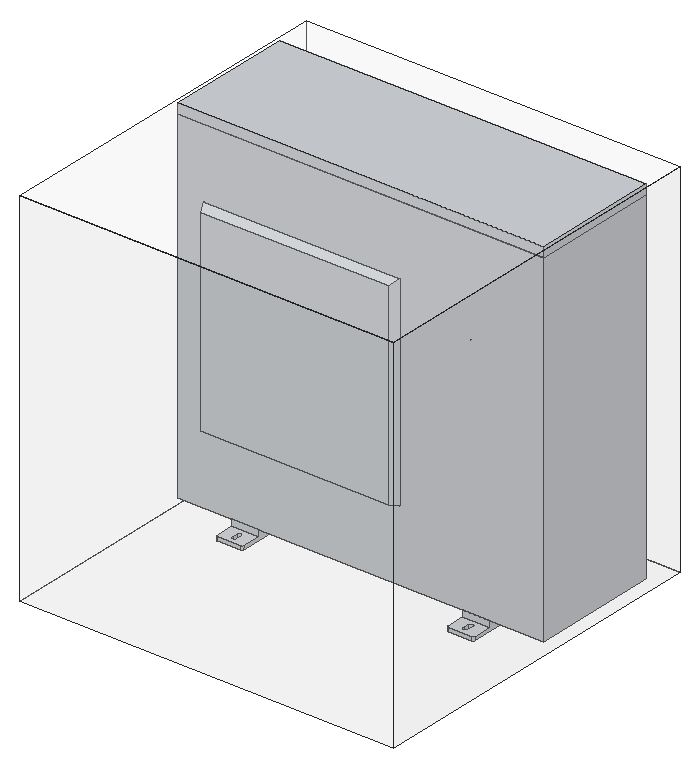
Revit family "puz-zrmp80hka15_280KA5_50hz", category 機械設備, Revit 2019
Family settings
  丸型コネクタ寸法 = 直径を使用
  パーツ タイプ = 標準
  OmniClass 番号 = 23.75.10.24.21.27.27
  OmniClass タイトル = Split System Air Conditioning Units
  作業面ベース = いいえ
  常に垂直 = はい
  ロード時にボイドで切り取り = いいえ
  共有 = いいえ
  部屋計算ポイント = いいえ
Parameters (values of type "室外機_PUZ-ZRMP80SHA15-BSG")
  音響パワーレベル_冷房 (dB) = 66
  音響パワーレベル_暖房 (dB) = 68
  音響パワーレベル(dB) = if([音響パワーレベル_冷房 (dB)] > [音響パワーレベル_暖房 (dB)], [音響パワーレベル_冷房 (dB)], [音響パワーレベル_暖房 (dB)])  # 68
  電源種別 = ""
  電源位置Y = 2 mm
  電源位置Z = 669 mm
  電源位置X = 275 mm
  電圧 = 200 V
  電動機出力_送風機 = 0.06 kW
  電動機出力_圧縮機 = 1.6 kW
  集中コントローラ [instance] = ""
  運転質量 = 0.00 kg
  運転方法 = "冷暖切替"
  質量 = if(製品質量 > 運転質量, 製品質量, 運転質量) * 1.2  # 84.00 kg
  負荷分類 = 1_熱源類
  説明 = "空冷H/P PAC インバータ室外機"
  設計暖房能力 [instance] = 0 kW
  設計冷房能力_顕熱 [instance] = 0 kW
  設計冷房能力 [instance] = 0 kW
  設置方法 = "床置形"
  記号 [instance] = ""
  製造元 = "三菱電機株式会社"
  製品質量 = 70.00 kg
  製品出荷対象 = "国内"
  製品リリース年月 = ""
  製品グループ = ""
  系統 [instance] = ""
  符号 = "PAC"
  積算_科目 = "1 空気調和設備"
  積算_拾い区分 [instance] = ""
  相 = 1
  盤記号 [instance] = ""
  発停方法 = "付属スイッチ"
  特殊仕様 [instance] = ""
  消費電力_暖房 = 2.34 kW
  消費電力_冷房 = 1.98 kW
  消費電力 = if(消費電力_冷房 > 消費電力_暖房, 消費電力_冷房, 消費電力_暖房)  # 2.34 kW
  法定耐用年数 = "6"
  構成品番 = "PUZ-ZRMP80SHA15-BSG"
  極数 = 1
  材質 [instance] = ""
  本体マテリアル = none
  最小電線太さ_mm2 = 3.5
  最大電流値 = 0 A
  暖房能力 = 8 kW
  推奨ブレーカー容量 = 30 A
  据付ピッチ1 = 0 mm
  形式 = "パッケージ形 室外機"
  形名 = PUZ-EZRMP-2 : PUZ-EZRMP-2-2
  幹線記号 [instance] = ""
  始動方式 = "インバータ始動方式"
  呼称 = "パッケージ形空気調和機_室外機"
  周波数 = 50 Hz
  価格 = 0
  ドレン　位置Z = 23 mm
  ドレン　位置Y = 111 mm
  ドレン　位置X = 30 mm
  アンカーボルト位置Y = 370 mm
  アンカーボルト位置X = 600 mm
  参照している仕様書等のバージョン = "公共建築物標準仕様書（機械設備工事編）平成31年度版"
  分類コード = "5.0053E+13"
  分類グループ = ""
  冷房能力 = 7.1 kW
  冷媒管（ガス）位置X = 434 mm
  冷媒管（液）位置X = 377 mm
  冷媒管（液）位置Y = 290 mm
  冷媒管（ガス）位置Y = 229 mm
  冷媒管長 [instance] = 0 mm
  冷媒管径符号 = "Bd"
  冷媒管径 = 100.00 mm
  冷媒管位置Z = 447 mm
  冷媒管位置Y = (冷媒管（液）位置Y + 冷媒管（ガス）位置Y) / 2  # 259.5 mm
  冷媒管位置X = (冷媒管（液）位置X + 冷媒管（ガス）位置X) / 2  # 405.5 mm
  冷媒液管径 = 9.52 mm
  冷媒ガス管径 = 15.88 mm
  企業コード = "108420"
  付属品 [instance] = ""
  仕様書バージョン = "Version1.0"
  ユニット数 = 1
  ユニット3 = yes
  ユニット2 = yes
  Model = ""
  ドレン管径 = 33.00 mm
  サービススペース = yes
  コメント [instance] = ""
  ケーブル種類1 = ""
  【値が 0 の項目は組合せ形名にてご確認ください】 = ""
  Width = 950 mm
  Version = ""
  Uniclass2015Version = "Systems v1.9"
  Uniclass2015Title = "Split coil remote air cooled condensing units"
  Uniclass2015Code = "Pr_70_65_03_84"
  URL = "https://www.mitsubishielectric.co.jp/ldg/wink/ssl/top.do"
  SpecificationReference = ""
  SpecificationDescription = ""
  Revision = ""
  ProductInformation = ""
  OmniClassCode = "23-33 17 13 11"
  IfcTypeProduct = ""
  IfcProduct = ""
  IfcExportType = "AIRCONDITIONINGUNIT"
  IfcExportAs = "IfcUnitaryEquipmentType"
  Height = 943 mm
  Depth = 330 mm
  Clearance Top = 0 mm
  Clearance Right = 10 mm
  Clearance Left = 10 mm
  Clearance Front = 500 mm
  Clearance Bottom = 0 mm
  Clearance Back = 100 mm
  COP_暖房 = 0
  COP_冷房 = 0
  COP = (COP_冷房 + COP_暖房) / 2  # 0
  Author = "三菱電機株式会社"
  APF = 0
Reference planes
  plane 1 "中心(正面/背面)": y = 74
  plane 2: z = 0
  plane 3 "中心(左/右)": x = 830
  plane 4 "右": x = 1305
  plane 5 "左": x = 355
  plane 6 "背面": y = 239
  plane 7 "正面": y = -91
  plane 8 "上部": z = 943
  plane 9 "Clearanse Top": z = 943
  plane 10 "SS_back": y = 339
  plane 11 "SS_front": y = -591
  plane 12 "SS_left": x = 345
  plane 13 "SS_right": x = 1315
  plane 14: z = 0
  plane 15: y = -89
  plane 16: x = 1105
  plane 17: z = 669
  plane 18: y = -87
  plane 19: y = -20.5
  plane 20: x = 1235.5
  plane 21: z = 447
  plane 22: z = 449
  plane 23: y = 128
  plane 24: x = 385
  plane 25: z = 25
  plane 26: z = 23
  plane 27: x = 530
  plane 28: x = 1130
  plane 29: y = 259
  plane 30: y = -111
Forms (mm)
  Extrusion 1, solid, detail levels fine
    sketch origin (0, -91, 0) x (1, 0, 0) y (0, 0, 1)
      loop
        circle (1105, 669) r 13.5
    from -4 to -2
  Extrusion 2, solid, detail levels fine
    sketch origin (-1437.329, -1524, 54) x (-1, 0, 0) y (0, -1, 0)
      loop
        circle (-2672.829, -1503.5) r 50
    from 393 to 395
  Extrusion 3, solid, detail levels fine
    sketch origin (-1437.329, -1524, 54) x (-1, 0, 0) y (0, -1, 0)
      loop
        circle (-1822.329, -1652) r 16.5
    from -31 to -29
Lines and regions (mm)
  model lines, not visible
    curve 1: line (460, 178.667, 1289.179) -> (460, 297.73, 1289.179)
    curve 2: line (460, 178.667, 1056.056) -> (460, 178.667, 1289.179)
    curve 3: line (460, 297.73, 1056.056) -> (460, 178.667, 1056.056)
    curve 4: line (460, 297.73, 1289.179) -> (460, 297.73, 1056.056)
    curve 5: line (460, 47.598, 1289.179) -> (460, 166.661, 1289.179)
    curve 6: line (460, 47.598, 1056.056) -> (460, 47.598, 1289.179)
    curve 7: line (460, 166.661, 1056.056) -> (460, 47.598, 1056.056)
    curve 8: line (460, 166.661, 1289.179) -> (460, 166.661, 1056.056)
    curve 9: line (460, -83.471, 1289.179) -> (460, 35.592, 1289.179)
    curve 10: line (460, -83.471, 1056.056) -> (460, -83.471, 1289.179)
    curve 11: line (460, 35.592, 1056.056) -> (460, -83.471, 1056.056)
    curve 12: line (460, 35.592, 1289.179) -> (460, 35.592, 1056.056)
    curve 13: line (460, -150.779, 1289.179) -> (460, -95.75, 1289.179)
    curve 14: line (460, -150.779, 1056.056) -> (460, -150.779, 1289.179)
    curve 15: line (460, -95.75, 1056.056) -> (460, -150.779, 1056.056)
    curve 16: line (460, -95.75, 1289.179) -> (460, -95.75, 1056.056)
    curve 17: line (460, -150.779, 1283.175) -> (460, -132.596, 1283.175)
    curve 18: line (460, -150.779, 1062.059) -> (460, -150.779, 1283.175)
    curve 19: line (460, -132.596, 1062.059) -> (460, -150.779, 1062.059)
    curve 20: line (460, -132.596, 1283.175) -> (460, -132.596, 1062.059)
    curve 21: line (460, 178.667, 1046.051) -> (460, 297.73, 1046.051)
    curve 22: line (460, 178.667, 812.928) -> (460, 178.667, 1046.051)
    curve 23: line (460, 297.73, 812.928) -> (460, 178.667, 812.928)
    curve 24: line (460, 297.73, 1046.051) -> (460, 297.73, 812.928)
    curve 25: line (460, 47.598, 1046.051) -> (460, 166.661, 1046.051)
    curve 26: line (460, 47.598, 812.928) -> (460, 47.598, 1046.051)
    curve 27: line (460, 166.661, 812.928) -> (460, 47.598, 812.928)
    curve 28: line (460, 166.661, 1046.051) -> (460, 166.661, 812.928)
    curve 29: line (460, -83.471, 1046.051) -> (460, 35.592, 1046.051)
    curve 30: line (460, -83.471, 812.928) -> (460, -83.471, 1046.051)
    curve 31: line (460, 35.592, 812.928) -> (460, -83.471, 812.928)
    curve 32: line (460, 35.592, 1046.051) -> (460, 35.592, 812.928)
    curve 33: line (460, -150.779, 1046.051) -> (460, -95.75, 1046.051)
    curve 34: line (460, -150.779, 812.928) -> (460, -150.779, 1046.051)
    curve 35: line (460, -95.75, 812.928) -> (460, -150.779, 812.928)
    curve 36: line (460, -95.75, 1046.051) -> (460, -95.75, 812.928)
    curve 37: line (460, -150.779, 1040.048) -> (460, -132.596, 1040.048)
    curve 38: line (460, -150.779, 818.931) -> (460, -150.779, 1040.048)
    curve 39: line (460, -132.596, 818.931) -> (460, -150.779, 818.931)
    curve 40: line (460, -132.596, 1040.048) -> (460, -132.596, 818.931)
    curve 41: line (460, 178.667, 802.923) -> (460, 297.73, 802.923)
    curve 42: line (460, 178.667, 569.8) -> (460, 178.667, 802.923)
    curve 43: line (460, 297.73, 569.8) -> (460, 178.667, 569.8)
    curve 44: line (460, 297.73, 802.923) -> (460, 297.73, 569.8)
    curve 45: line (460, 47.598, 802.923) -> (460, 166.661, 802.923)
    curve 46: line (460, 47.598, 569.8) -> (460, 47.598, 802.923)
    curve 47: line (460, 166.661, 569.8) -> (460, 47.598, 569.8)
    curve 48: line (460, 166.661, 802.923) -> (460, 166.661, 569.8)
    curve 49: line (460, -83.471, 802.923) -> (460, 35.592, 802.923)
    curve 50: line (460, -83.471, 569.8) -> (460, -83.471, 802.923)
    curve 51: line (460, 35.592, 569.8) -> (460, -83.471, 569.8)
    curve 52: line (460, 35.592, 802.923) -> (460, 35.592, 569.8)
    curve 53: line (460, -150.779, 802.923) -> (460, -95.75, 802.923)
    curve 54: line (460, -150.779, 569.8) -> (460, -150.779, 802.923)
    curve 55: line (460, -95.75, 569.8) -> (460, -150.779, 569.8)
    curve 56: line (460, -95.75, 802.923) -> (460, -95.75, 569.8)
    curve 57: line (460, -150.779, 796.92) -> (460, -132.596, 796.92)
    curve 58: line (460, -150.779, 575.803) -> (460, -150.779, 796.92)
    curve 59: line (460, -132.596, 575.803) -> (460, -150.779, 575.803)
    curve 60: line (460, -132.596, 796.92) -> (460, -132.596, 575.803)
    curve 61: line (460, 178.667, 559.795) -> (460, 297.73, 559.795)
    curve 62: line (460, 178.667, 326.672) -> (460, 178.667, 559.795)
    curve 63: line (460, 297.73, 326.672) -> (460, 178.667, 326.672)
    curve 64: line (460, 297.73, 559.795) -> (460, 297.73, 326.672)
    curve 65: line (460, 47.598, 559.795) -> (460, 166.661, 559.795)
    curve 66: line (460, 47.598, 326.672) -> (460, 47.598, 559.795)
    curve 67: line (460, 166.661, 326.672) -> (460, 47.598, 326.672)
    curve 68: line (460, 166.661, 559.795) -> (460, 166.661, 326.672)
    curve 69: line (460, -83.471, 559.795) -> (460, 35.592, 559.795)
    curve 70: line (460, -83.471, 326.672) -> (460, -83.471, 559.795)
    curve 71: line (460, 35.592, 326.672) -> (460, -83.471, 326.672)
    curve 72: line (460, 35.592, 559.795) -> (460, 35.592, 326.672)
    curve 73: line (460, -150.779, 559.795) -> (460, -95.75, 559.795)
    curve 74: line (460, -150.779, 326.672) -> (460, -150.779, 559.795)
    curve 75: line (460, -95.75, 326.672) -> (460, -150.779, 326.672)
    curve 76: line (460, -95.75, 559.795) -> (460, -95.75, 326.672)
    curve 77: line (460, -150.779, 553.792) -> (460, -132.596, 553.792)
    curve 78: line (460, -150.779, 332.675) -> (460, -150.779, 553.792)
    curve 79: line (460, -132.596, 332.675) -> (460, -150.779, 332.675)
    curve 80: line (460, -132.596, 553.792) -> (460, -132.596, 332.675)
    curve 81: line (460, 178.667, 316.667) -> (460, 297.73, 316.667)
    curve 82: line (460, 178.667, 83.544) -> (460, 178.667, 316.667)
    curve 83: line (460, 297.73, 83.544) -> (460, 178.667, 83.544)
    curve 84: line (460, 297.73, 316.667) -> (460, 297.73, 83.544)
    curve 85: line (460, 47.598, 316.667) -> (460, 166.661, 316.667)
    curve 86: line (460, 47.598, 83.544) -> (460, 47.598, 316.667)
    curve 87: line (460, 166.661, 83.544) -> (460, 47.598, 83.544)
    curve 88: line (460, 166.661, 316.667) -> (460, 166.661, 83.544)
    curve 89: line (460, -83.471, 316.667) -> (460, 35.592, 316.667)
    curve 90: line (460, -83.471, 83.544) -> (460, -83.471, 316.667)
    curve 91: line (460, 35.592, 83.544) -> (460, -83.471, 83.544)
    curve 92: line (460, 35.592, 316.667) -> (460, 35.592, 83.544)
    curve 93: line (460, -150.779, 316.667) -> (460, -95.75, 316.667)
    curve 94: line (460, -150.779, 83.544) -> (460, -150.779, 316.667)
    curve 95: line (460, -95.75, 83.544) -> (460, -150.779, 83.544)
    curve 96: line (460, -95.75, 316.667) -> (460, -95.75, 83.544)
    curve 97: line (460, -150.779, 310.664) -> (460, -132.596, 310.664)
    curve 98: line (460, -150.779, 89.547) -> (460, -150.779, 310.664)
    curve 99: line (460, -132.596, 89.547) -> (460, -150.779, 89.547)
    curve 100: line (460, -132.596, 310.664) -> (460, -132.596, 89.547)
Dimensions and locks
  equal spacing: plane 7 "正面", plane 1 "中心(正面/背面)", plane 6 "背面"
  "Depth": plane 7 "正面" to plane 6 "背面"
  "Width": plane 5 "左" to plane 4 "右"
  equal spacing: plane 5 "左", plane 3 "中心(左/右)", plane 4 "右"
  "Clearance Left": plane 12 "SS_left" to plane 5 "左"
  "Clearance Right": plane 4 "右" to plane 13 "SS_right"
  "Clearance Back": plane 6 "背面" to plane 10 "SS_back"
  "Clearance Front": plane 11 "SS_front" to plane 7 "正面"
  "Height": plane 8 "上部" to level
  "Clearance Top": plane 9 "Clearanse Top" to plane 8 "上部"
  "Clearance Bottom": level to plane 14
  "電源位置X": plane 3 "中心(左/右)" to plane 16
  "電源位置Y": plane 7 "正面" to plane 15
  "電源位置Z": plane 17 to level
  locked: plane 15 to plane 18 at 2
  "冷媒管位置X": plane 3 "中心(左/右)" to plane 20
  "冷媒管位置Y": plane 19 to plane 6 "背面"
  "冷媒管位置Z": plane 21 to level
  locked: plane 22 to plane 21 at 2
  "ドレン　位置X": plane 5 "左" to plane 24
  "ドレン　位置Y": plane 23 to plane 6 "背面"
  locked: plane 25 to plane 26 at 2
  "ドレン　位置Z": plane 26 to level
  equal spacing: plane 30, plane 1 "中心(正面/背面)", plane 29
  "アンカーボルト位置Y": plane 30 to plane 29
  equal spacing: plane 27, plane 3 "中心(左/右)", plane 28
  "アンカーボルト位置X": plane 27 to plane 28
  radius of Extrusion 1 sketch curve = 13.5 mm
  "冷媒管径": diameter of Extrusion 2 sketch curve
  "ドレン管径": diameter of Extrusion 3 sketch curve
  aligned and locked: level to plane 2
  aligned and locked: plane 10 "SS_back" to nested 1  (x2)
  aligned and locked: plane 13 "SS_right" to nested 1
  aligned and locked: plane 12 "SS_left" to nested 1  (x2)
  aligned and locked: nested 1 to plane 13 "SS_right"
  aligned and locked: plane 11 "SS_front" to nested 1
  aligned and locked: plane 9 "Clearanse Top" to nested 1
  aligned and locked: plane 1 "中心(正面/背面)" to nested 2
  aligned and locked: plane 3 "中心(左/右)" to nested 2
  aligned and locked: plane 14 to nested 1
  aligned and locked: plane 17 to Extrusion 1 sketch curve
  aligned and locked: plane 16 to Extrusion 1 sketch curve
  aligned and locked: Extrusion 1 to plane 18
  aligned and locked: plane 15 to Extrusion 1
  aligned and locked: plane 19 to Extrusion 2 sketch curve
  aligned and locked: plane 20 to Extrusion 2 sketch curve
  aligned and locked: plane 22 to Extrusion 2
  aligned and locked: Extrusion 2 to plane 21
  aligned and locked: plane 24 to Extrusion 3 sketch curve
  aligned and locked: plane 23 to Extrusion 3 sketch curve
  aligned and locked: plane 25 to Extrusion 3
  aligned and locked: Extrusion 3 to plane 26
  aligned and locked: plane 27 to nested 3
  aligned and locked: plane 29 to nested 3
Nested families
  nested 1: "サービススペース" at (830, -126, 471.5), visible <- "サービススペース", type "サービススペース"
    with Width 970 mm, Height 943 mm, Depth 930 mm
  nested 2: "PUZ-EZRMP-2" at (830, 74, 0), type <- "形名", type "PUZ-EZRMP-2-2", detail levels fine
    with 冷媒ガス管径-Y 269 mm
  nested 3: "固定点" at (530, -111, 0), type "固定点"
    with W 600 mm, D 370 mm
Connectors
  piping at (1235.5, -20.5, 447), diameter 100, driven by "冷媒管径", driven by "冷媒管径符号"
    settings: on Extrusion 2, index 1, connector inside diameter 609.60 mm, connector length 0 mm, flow factor 0, pipe flow 0.0 L/s, pressure drop 0.0 Pa, fitting loss kfactor 0, connector angle 0.00°, fixture units 0, engagement length 0 mm, angle of deflection 0.00°, flow configuration 1, flow direction 2, fitting loss method 4, system type 7, joint type 0, gender type 0, connector reference index -1, connector utility 0, adjustable connector no, is connector primary yes, connector description "Bd"
  electrical at (1105, -89, 669), driven by "極数", driven by "負荷分類", driven by "電圧", driven by "消費電力"
    settings: on Extrusion 1, index 2, voltage 200 V, apparent load 2340 VA, apparent load phase1 0 VA, apparent load phase2 0 VA, apparent load phase3 0 VA, power factor 1, load classification "1_熱源類", number of poles 1, system type 30, power factor state 1, is connector primary yes, connector utility no, sub classification motor no, connector description ""
Definition of nested family "サービススペース"
  Parameters (values of type "サービススペース")
    Width [instance] = 500 mm
    Height [instance] = 500 mm
    Depth [instance] = 500 mm
  Reference planes
    plane 1 "中心(正面/背面)": y = 0
    plane 2: z = 0
    plane 3 "中心(左/右)": x = 0
    plane 4: y = -250
    plane 5: x = 250
    plane 6: y = 250
    plane 7: x = -250
    plane 8: z = 250
    plane 9: z = -250
  Forms (mm)
    Extrusion 1, solid
      sketch origin (-638.939, 0, 72.39) x (1, 0, 0) y (0, 1, 0)
        loop
          line (388.939, 250) -> (388.939, -250) -> (888.939, -250) -> (888.939, 250) -> (388.939, 250)
      from -322.39 to 177.61
  Lines and regions (mm)
    symbolic lines
      curve 1: line (-250, 0, 250) -> (250, 0, 250)
      curve 2: line (-250, 0, -250) -> (-250, 0, 250)
      curve 3: line (250, 0, -250) -> (-250, 0, -250)
      curve 4: line (250, 0, 250) -> (250, 0, -250)
      curve 5: line (0, -250, 250) -> (0, 250, 250)
      curve 6: line (0, -250, -250) -> (0, -250, 250)
      curve 7: line (0, 250, -250) -> (0, -250, -250)
      curve 8: line (0, 250, 250) -> (0, 250, -250)
      curve 9: line (-250, 250, 0) -> (250, 250, 0)
      curve 10: line (-250, -250, 0) -> (-250, 250, 0)
      curve 11: line (250, -250, 0) -> (-250, -250, 0)
      curve 12: line (250, 250, 0) -> (250, -250, 0)
  Dimensions and locks
    equal spacing: plane 7, plane 3 "中心(左/右)", plane 5
    equal spacing: plane 4, plane 1 "中心(正面/背面)", plane 6
    "Depth": plane 4 to plane 6
    "Width": plane 7 to plane 5
    equal spacing: plane 8, plane 2, plane 9
    "Height": plane 8 to plane 9
    aligned and locked: plane 9 to curve 3
    aligned and locked: plane 7 to curve 2
    aligned and locked: curve 4 to plane 5
    aligned and locked: plane 5 to Extrusion 1
    aligned and locked: Extrusion 1 to plane 7
    aligned and locked: Extrusion 1 to plane 9
    aligned and locked: plane 8 to Extrusion 1
    aligned and locked: plane 9 to curve 7
  Automatic sketch dimensions
    plane 4 to Extrusion 1 sketch curve = 0 mm
    Extrusion 1 sketch curve to plane 7 = 0 mm
    Extrusion 1 sketch curve to plane 5 = 0 mm
    plane 6 to Extrusion 1 sketch curve = 0 mm
    curve 2 to plane 8 = 0 mm
    plane 4 to curve 11 = 0 mm
    curve 11 to plane 7 = 0 mm
    curve 11 to plane 5 = 0 mm
    plane 6 to curve 10 = 0 mm
    curve 7 to plane 4 = 0 mm
    curve 7 to plane 6 = 0 mm
    curve 6 to plane 8 = 0 mm
Definition of nested family "PUZ-EZRMP-2"
  Parameters (values of type "PUZ-ZRMP-2")
    配線取出口サイズ = 27 mm
    配線取出口-Z = 669 mm
    配線取出口-Y = 325 mm
    配線取出口-X = 275 mm
    液配管サイズ = 100 mm
    高さ = 943 mm
    換気-W = 322 mm
    換気-H2 = 632 mm
    換気-H1 = 473 mm
    換気-D = 25 mm
    奥行き = 330 mm
    吊りボルト_H = 0 mm
    吊りボルト-φ = 12 mm
    冷媒配管サイズ = 9.52 mm
    冷媒液管径-Z = 447 mm
    冷媒液管径-Y = 290 mm
    冷媒液管径-X = 377 mm
    冷媒ガス管径-Z = 431 mm
    冷媒ガス管径-Y = 229 mm
    冷媒ガス管径-X = 434 mm
    吊りボルト-W = 600 mm
    マテリアル = none
    ドレン配管サイズ = 33 mm
    ドレン管径-Z = 0 mm
    ドレン管径-Y = 219 mm
    ドレン管径-X = 445 mm
    タイプ3 = no
    タイプ2 = yes
    タイプ1 = no
    ガス配管サイズ = 15.88 mm
    吊りボルト-D = 370 mm
    幅さ = 950 mm
    a = 幅さ / 2  # 475 mm
  Reference planes
    plane 1 "中心(正面/背面)": y = 0
    plane 2: z = 0
    plane 3 "中心(左/右)": x = 0
    plane 4: z = 943
    plane 5: x = -475
    plane 6: x = 475
    plane 7: y = 165
    plane 8: y = -165
    plane 9: x = 537
    plane 10: y = -105
    plane 11: y = 5
    plane 12: z = 918
    plane 13: x = -495
    plane 14: x = -300
    plane 15: x = 300
    plane 16: y = 185
    plane 17: y = -185
    plane 18: x = 335
    plane 19: x = 265
    plane 20: x = -265
    plane 21: x = -335
    plane 22: y = 204
    plane 23: y = -218
    plane 24: z = 8.5
    plane 25: z = 25
    plane 26: z = 23
    plane 27: x = -185
    plane 28: x = 170
    plane 29: z = 938
    plane 30: y = -40
    plane 31: y = 40
    plane 32: y = -30
    plane 33: y = 30
    plane 34: z = 923
    plane 35: z = 55
    plane 36: z = 225
    plane 37: z = 570
    plane 38: x = 485
    plane 39: x = 506
    plane 40: y = -190
    plane 41: x = -153
    plane 42: z = 473
    plane 43: x = 101
    plane 44: x = -407
    plane 45: z = 737
    plane 46: z = 209
    plane 47: x = -397
    plane 48: x = 91
    plane 49: z = 727
    plane 50: z = 219
    plane 51: y = 115
    plane 52: y = -115
    plane 53: y = 54
    plane 54: x = 434
    plane 55: x = 275
    plane 56: y = -160
    plane 57: y = -125
    plane 58: y = -64
    plane 59: x = 377
    plane 60: z = 431
    plane 61: z = 447
    plane 62: z = 669
    plane 63: y = -110
    plane 64: z = 531
    plane 65: z = 547
    plane 66: x = 405.5
    plane 67: y = -94.5
    plane 68 "グループ": x = -475
    plane 69: z = 1338
    plane 70: z = 943
    plane 71: z = 1105
    plane 72: z = 1369
    plane 73: z = 841
    plane 74: z = 1359
    plane 75: z = 851
    plane 76: x = -445
    plane 77: y = 135
    plane 78: x = -225
    plane 79: x = -80
    plane 80: x = 65
    plane 81: x = 210
  Forms (mm)
    Extrusion 1, solid, visible <- "タイプ2", detail levels fine
      sketch origin (-1437.329, -1524, 943) x (-1, 0, 0) y (0, -1, 0)
        loop
          line (-1102.329, -1689) -> (-1102.329, -1359) -> (-1172.329, -1359) -> (-1172.329, -1689) -> (-1102.329, -1689)
        loop
          line (-1702.329, -1689) -> (-1702.329, -1359) -> (-1772.329, -1359) -> (-1772.329, -1689) -> (-1702.329, -1689)
      from -943 to -918
    Extrusion 2, solid, material <- "マテリアル", visible <- "タイプ2", detail levels fine
      sketch origin (-1437.329, -1524, 943) x (-1, 0, 0) y (0, -1, 0)
        loop
          line (-1912.329, -1689) -> (-962.329, -1689) -> (-962.329, -1359) -> (-1912.329, -1359) -> (-1912.329, -1689)
      from -918 to -25
    Extrusion 3, solid, material <- "マテリアル", visible <- "タイプ2", detail levels fine
      sketch origin (-1437.329, -1524, 943) x (-1, 0, 0) y (0, -1, 0)
        loop
          line (-962.329, -1689) -> (-962.329, -1359) -> (-1912.329, -1359) -> (-1912.329, -1689) -> (-962.329, -1689)
      from -25 to 0
    Blend 4, solid, material <- "マテリアル", visible <- "タイプ2", detail levels fine
      base sketch origin (0, 0, 0) x (1, 0, 0) y (0, 0, 1)
        loop
          line (-407, 737) -> (-407, 209) -> (101, 209) -> (101, 737) -> (-407, 737)
      top sketch origin (0, 0, 0) x (1, 0, 0) y (0, 0, 1)
        loop
          line (-397, 727) -> (-397, 219) -> (91, 219) -> (91, 727) -> (-397, 727)
      from 165 to 190
    Extrusion 5, solid, material <- "マテリアル", visible <- "タイプ2", detail levels fine
      sketch origin (-1437.329, -1524, 943) x (-1, 0, 0) y (0, -1, 0)
        loop
          circle (-1871.329, -1460) r 7.94
      from -512 to -412
    Extrusion 6, solid, material <- "マテリアル", visible <- "タイプ2", detail levels fine
      sketch origin (-1437.329, -1524, 943) x (-1, 0, 0) y (0, -1, 0)
        loop
          circle (-1814.329, -1399) r 4.76
      from -496 to -396
    Extrusion 7, solid, material <- "マテリアル", visible <- "タイプ2", detail levels fine
      sketch origin (1480.036, -190, 1200) x (1, 0, 0) y (0, 0, 1)
        loop
          circle (-1205.036, -531) r 13.5
      from -80 to -30
    Extrusion 8, solid, material <- "マテリアル", visible <- "タイプ2", detail levels fine
      sketch origin (-1437.329, -1524, 943) x (-1, 0, 0) y (0, -1, 0)
        loop
          circle (-1842.829, -1429.5) r 50
      from -496 to -396
    Extrusion 9, solid, visible <- "タイプ2", detail levels fine
      sketch origin (-1437.329, -1524, 943) x (-1, 0, 0) y (0, -1, 0)
        loop
          line (-1102.329, -1728) -> (-1102.329, -1689) -> (-1172.329, -1689) -> (-1172.329, -1728) -> (-1143.329, -1728) -> (-1143.329, -1709)
          arc (-1143.329, -1709) -> (-1137.329, -1703) -> (-1131.329, -1709) r 6
          line (-1131.329, -1709) -> (-1131.329, -1728) -> (-1102.329, -1728)
        loop
          line (-1102.329, -1359) -> (-1102.329, -1311)
          arc (-1102.329, -1311) -> (-1103.794, -1307.464) -> (-1107.329, -1306) r 5
          line (-1107.329, -1306) -> (-1167.329, -1306)
          arc (-1167.329, -1306) -> (-1170.865, -1307.464) -> (-1172.329, -1311) r 5
          line (-1172.329, -1311) -> (-1172.329, -1359) -> (-1102.329, -1359)
        loop
          arc (-1143.329, -1339) -> (-1137.329, -1345) -> (-1131.329, -1339) r 6
          line (-1131.329, -1339) -> (-1131.329, -1324)
          arc (-1131.329, -1324) -> (-1137.329, -1318) -> (-1143.329, -1324) r 6
          line (-1143.329, -1324) -> (-1143.329, -1339)
        loop
          line (-1772.329, -1728) -> (-1743.329, -1728) -> (-1743.329, -1709)
          arc (-1743.329, -1709) -> (-1737.329, -1703) -> (-1731.329, -1709) r 6
          line (-1731.329, -1709) -> (-1731.329, -1728) -> (-1702.329, -1728) -> (-1702.329, -1689) -> (-1772.329, -1689) -> (-1772.329, -1728)
        loop
          line (-1772.329, -1359) -> (-1702.329, -1359) -> (-1702.329, -1311)
          arc (-1702.329, -1311) -> (-1703.794, -1307.464) -> (-1707.329, -1306) r 5
          line (-1707.329, -1306) -> (-1767.329, -1306)
          arc (-1767.329, -1306) -> (-1770.865, -1307.464) -> (-1772.329, -1311) r 5
          line (-1772.329, -1311) -> (-1772.329, -1359)
        loop
          line (-1731.329, -1339) -> (-1731.329, -1324)
          arc (-1731.329, -1324) -> (-1737.329, -1318) -> (-1743.329, -1324) r 6
          line (-1743.329, -1324) -> (-1743.329, -1339)
          arc (-1743.329, -1339) -> (-1737.329, -1345) -> (-1731.329, -1339) r 6
      from -943 to -934.5
    Extrusion 10, solid, material <- "マテリアル", visible <- "タイプ2", detail levels fine
      sketch origin (-1437.329, -1524, 943) x (-1, 0, 0) y (0, -1, 0)
        loop
          circle (-992.329, -1578) r 16.5
        loop
          circle (-1212.329, -1659) r 16.5
        loop
          circle (-1357.329, -1659) r 16.5
        loop
          circle (-1502.329, -1659) r 16.5
        loop
          circle (-1647.329, -1659) r 16.5
      from -920 to -918
  Cuts and joins
    joined: Extrusion 1, Extrusion 9
  Lines and regions (mm)
    Masking region 1, visible <- "タイプ2", detail levels coarse+medium
      outline origin (-1437.329, -1524, 943) x (-1, 0, 0) y (0, -1, 0)
        loop
          line (-1912.329, -1689) -> (-1772.329, -1689) -> (-1772.329, -1728) -> (-1702.329, -1728) -> (-1702.329, -1689) -> (-1172.329, -1689) -> (-1172.329, -1728) -> (-1102.329, -1728) -> (-1102.329, -1689) -> (-962.329, -1689) -> (-962.329, -1359) -> (-1030.329, -1359) -> (-1040.329, -1334) -> (-1102.329, -1334) -> (-1102.329, -1306) -> (-1172.329, -1306) -> (-1172.329, -1334) -> (-1528.329, -1334) -> (-1538.329, -1359) -> (-1702.329, -1359) -> (-1702.329, -1306) -> (-1772.329, -1306) -> (-1772.329, -1359) -> (-1912.329, -1359) -> (-1912.329, -1689)
    model lines, visible <- "タイプ2", detail levels fine
      curve 1: line (395, 115, 943) -> (-395, 115, 943)
      curve 2: line (-395, -115, 943) -> (395, -115, 943)
      curve 3: line (-395, -45, 943) -> (395, -45, 943)
      curve 4: line (395, 45, 943) -> (-395, 45, 943)
      curve 5: line (-395, -35, 943) -> (395, -35, 943)
      curve 6: line (395, 35, 943) -> (-395, 35, 943)
      curve 7: line (-395, 115, 943) -> (-395, 45, 943)
      curve 8: line (395, -115, 943) -> (395, -45, 943)
      curve 9: line (-395, 35, 943) -> (-395, -35, 943)
      curve 10: line (-395, -45, 943) -> (-395, -115, 943)
      curve 11: line (395, -35, 943) -> (395, 35, 943)
      curve 12: line (395, 45, 943) -> (395, 115, 943)
      curve 13: line (425, -115, 943) -> (425, 115, 943)
      curve 14: line (410, -115, 943) -> (410, 115, 943)
      curve 15: line (-425, 115, 943) -> (-425, -115, 943)
      curve 16: line (-410, 115, 943) -> (-410, -115, 943)
      curve 17: line (-410, 115, 943) -> (-425, 115, 943)
      curve 18: line (-410, -115, 943) -> (-425, -115, 943)
      curve 19: line (410, 115, 943) -> (425, 115, 943)
      curve 20: line (410, -115, 943) -> (425, -115, 943)
      curve 21: line (-397, -190, 520.5) -> (91, -190, 520.5)
      curve 22: line (91, -190, 425.5) -> (-397, -190, 425.5)
      curve 23: line (-397, -190, 615.5) -> (91, -190, 615.5)
      curve 24: line (-397, -190, 710.5) -> (91, -190, 710.5)
      curve 25: line (91, -190, 330.5) -> (-397, -190, 330.5)
      curve 26: line (91, -190, 235.5) -> (-397, -190, 235.5)
      curve 27: line (-379.571, -190, 727) -> (-379.571, -190, 219)
      curve 28: line (73.571, -190, 219) -> (73.571, -190, 727)
      curve 29: line (-362.143, -190, 727) -> (-362.143, -190, 219)
      curve 30: line (-344.714, -190, 727) -> (-344.714, -190, 219)
      curve 31: line (-327.286, -190, 727) -> (-327.286, -190, 219)
      curve 32: line (-309.857, -190, 727) -> (-309.857, -190, 219)
      curve 33: line (-292.429, -190, 727) -> (-292.429, -190, 219)
      curve 34: line (-275, -190, 727) -> (-275, -190, 219)
      curve 35: line (-257.571, -190, 727) -> (-257.571, -190, 219)
      curve 36: line (-240.143, -190, 727) -> (-240.143, -190, 219)
      curve 37: line (-222.714, -190, 727) -> (-222.714, -190, 219)
      curve 38: line (-205.286, -190, 727) -> (-205.286, -190, 219)
      curve 39: line (-187.857, -190, 727) -> (-187.857, -190, 219)
      curve 40: line (-170.429, -190, 727) -> (-170.429, -190, 219)
      curve 41: line (-153, -190, 727) -> (-153, -190, 219)
      curve 42: line (-135.571, -190, 727) -> (-135.571, -190, 219)
      curve 43: line (-118.143, -190, 727) -> (-118.143, -190, 219)
      curve 44: line (-100.714, -190, 727) -> (-100.714, -190, 219)
      curve 45: line (-83.286, -190, 727) -> (-83.286, -190, 219)
      curve 46: line (-65.857, -190, 727) -> (-65.857, -190, 219)
      curve 47: line (-48.429, -190, 727) -> (-48.429, -190, 219)
      curve 48: line (-31, -190, 727) -> (-31, -190, 219)
      curve 49: line (-13.571, -190, 727) -> (-13.571, -190, 219)
      curve 50: line (3.857, -190, 727) -> (3.857, -190, 219)
      curve 51: line (21.286, -190, 727) -> (21.286, -190, 219)
      curve 52: line (38.714, -190, 727) -> (38.714, -190, 219)
      curve 53: line (56.143, -190, 727) -> (56.143, -190, 219)
      curve 54: line (-475, -100, 33.5) -> (-475, -60, 33.5)
      curve 55: line (-475, -100, 73.5) -> (-475, -100, 33.5)
      curve 56: line (-475, -60, 73.5) -> (-475, -100, 73.5)
      curve 57: line (-475, -60, 33.5) -> (-475, -60, 73.5)
      curve 58: line (-475, 60, 33.5) -> (-475, 100, 33.5)
      curve 59: line (-475, 60, 73.5) -> (-475, 60, 33.5)
      curve 60: line (-475, 100, 73.5) -> (-475, 60, 73.5)
      curve 61: line (-475, 100, 33.5) -> (-475, 100, 73.5)
      curve 62: line (-475, -46.667, 33.5) -> (-475, -6.667, 33.5)
      curve 63: line (-475, -46.667, 73.5) -> (-475, -46.667, 33.5)
      curve 64: line (-475, -6.667, 73.5) -> (-475, -46.667, 73.5)
      curve 65: line (-475, -6.667, 33.5) -> (-475, -6.667, 73.5)
      curve 66: line (-475, 6.667, 33.5) -> (-475, 46.667, 33.5)
      curve 67: line (-475, 6.667, 73.5) -> (-475, 6.667, 33.5)
      curve 68: line (-475, 46.667, 73.5) -> (-475, 6.667, 73.5)
      curve 69: line (-475, 46.667, 33.5) -> (-475, 46.667, 73.5)
      curve 70: line (-475, -100, 87) -> (-475, -60, 87)
      curve 71: line (-475, -100, 277) -> (-475, -100, 87)
      curve 72: line (-475, -60, 277) -> (-475, -100, 277)
      curve 73: line (-475, -60, 87) -> (-475, -60, 277)
      curve 74: line (-475, -100, 292) -> (-475, -60, 292)
      curve 75: line (-475, -100, 482) -> (-475, -100, 292)
      curve 76: line (-475, -60, 482) -> (-475, -100, 482)
      curve 77: line (-475, -60, 292) -> (-475, -60, 482)
      curve 78: line (-475, -100, 497) -> (-475, -60, 497)
      curve 79: line (-475, -100, 687) -> (-475, -100, 497)
      curve 80: line (-475, -60, 687) -> (-475, -100, 687)
      curve 81: line (-475, -60, 497) -> (-475, -60, 687)
      curve 82: line (-475, -100, 702) -> (-475, -60, 702)
      curve 83: line (-475, -100, 892) -> (-475, -100, 702)
      curve 84: line (-475, -60, 892) -> (-475, -100, 892)
      curve 85: line (-475, -60, 702) -> (-475, -60, 892)
      curve 86: line (-475, 60, 87) -> (-475, 100, 87)
      curve 87: line (-475, 60, 277) -> (-475, 60, 87)
      curve 88: line (-475, 100, 277) -> (-475, 60, 277)
      curve 89: line (-475, 100, 87) -> (-475, 100, 277)
      curve 90: line (-475, -46.667, 87) -> (-475, -6.667, 87)
      curve 91: line (-475, -46.667, 277) -> (-475, -46.667, 87)
      curve 92: line (-475, -6.667, 277) -> (-475, -46.667, 277)
      curve 93: line (-475, -6.667, 87) -> (-475, -6.667, 277)
      curve 94: line (-475, 6.667, 87) -> (-475, 46.667, 87)
      curve 95: line (-475, 6.667, 277) -> (-475, 6.667, 87)
      curve 96: line (-475, 46.667, 277) -> (-475, 6.667, 277)
      curve 97: line (-475, 46.667, 87) -> (-475, 46.667, 277)
      curve 98: line (-475, 60, 292) -> (-475, 100, 292)
      curve 99: line (-475, 60, 482) -> (-475, 60, 292)
      curve 100: line (-475, 100, 482) -> (-475, 60, 482)
      curve 101: line (-475, 100, 292) -> (-475, 100, 482)
      curve 102: line (-475, 60, 702) -> (-475, 100, 702)
      curve 103: line (-475, 60, 892) -> (-475, 60, 702)
      curve 104: line (-475, 100, 892) -> (-475, 60, 892)
      curve 105: line (-475, 100, 702) -> (-475, 100, 892)
      curve 106: line (-475, -46.667, 292) -> (-475, -6.667, 292)
      curve 107: line (-475, -46.667, 482) -> (-475, -46.667, 292)
      curve 108: line (-475, -6.667, 482) -> (-475, -46.667, 482)
      curve 109: line (-475, -6.667, 292) -> (-475, -6.667, 482)
      curve 110: line (-475, -46.667, 497) -> (-475, -6.667, 497)
      curve 111: line (-475, -46.667, 687) -> (-475, -46.667, 497)
      curve 112: line (-475, -6.667, 687) -> (-475, -46.667, 687)
      curve 113: line (-475, -6.667, 497) -> (-475, -6.667, 687)
      curve 114: line (-475, -46.667, 702) -> (-475, -6.667, 702)
      curve 115: line (-475, -46.667, 892) -> (-475, -46.667, 702)
      curve 116: line (-475, -6.667, 892) -> (-475, -46.667, 892)
      curve 117: line (-475, -6.667, 702) -> (-475, -6.667, 892)
      curve 118: line (-475, 6.667, 292) -> (-475, 46.667, 292)
      curve 119: line (-475, 6.667, 482) -> (-475, 6.667, 292)
      curve 120: line (-475, 46.667, 482) -> (-475, 6.667, 482)
      curve 121: line (-475, 46.667, 292) -> (-475, 46.667, 482)
      curve 122: line (-475, 6.667, 497) -> (-475, 46.667, 497)
      curve 123: line (-475, 6.667, 687) -> (-475, 6.667, 497)
      curve 124: line (-475, 46.667, 687) -> (-475, 6.667, 687)
      curve 125: line (-475, 46.667, 497) -> (-475, 46.667, 687)
      curve 126: line (-475, 6.667, 702) -> (-475, 46.667, 702)
      curve 127: line (-475, 6.667, 892) -> (-475, 6.667, 702)
      curve 128: line (-475, 46.667, 892) -> (-475, 6.667, 892)
      curve 129: line (-475, 46.667, 702) -> (-475, 46.667, 892)
    model lines, visible <- "タイプ3", not visible
      curve 130: line (-404.5, -100, 907) -> (-404.5, -60, 907)
      curve 131: line (-404.5, -100, 1097) -> (-404.5, -100, 907)
      curve 132: line (-404.5, -60, 1097) -> (-404.5, -100, 1097)
      curve 133: line (-404.5, -60, 907) -> (-404.5, -60, 1097)
      curve 134: line (-404.5, 60, 907) -> (-404.5, 100, 907)
      curve 135: line (-404.5, 60, 1097) -> (-404.5, 60, 907)
      curve 136: line (-404.5, 100, 1097) -> (-404.5, 60, 1097)
      curve 137: line (-404.5, 100, 907) -> (-404.5, 100, 1097)
      curve 138: line (-404.5, -46.667, 907) -> (-404.5, -6.667, 907)
      curve 139: line (-404.5, -46.667, 1097) -> (-404.5, -46.667, 907)
      curve 140: line (-404.5, -6.667, 1097) -> (-404.5, -46.667, 1097)
      curve 141: line (-404.5, -6.667, 907) -> (-404.5, -6.667, 1097)
      curve 142: line (-404.5, 6.667, 907) -> (-404.5, 46.667, 907)
      curve 143: line (-404.5, 6.667, 1097) -> (-404.5, 6.667, 907)
      curve 144: line (-404.5, 46.667, 1097) -> (-404.5, 6.667, 1097)
      curve 145: line (-404.5, 46.667, 907) -> (-404.5, 46.667, 1097)
      curve 146: line (-404.5, -100, 1112) -> (-404.5, -60, 1112)
      curve 147: line (-404.5, -100, 1302) -> (-404.5, -100, 1112)
      curve 148: line (-404.5, -60, 1302) -> (-404.5, -100, 1302)
      curve 149: line (-404.5, -60, 1112) -> (-404.5, -60, 1302)
      curve 150: line (-404.5, 60, 1112) -> (-404.5, 100, 1112)
      curve 151: line (-404.5, 60, 1302) -> (-404.5, 60, 1112)
      curve 152: line (-404.5, 100, 1302) -> (-404.5, 60, 1302)
      curve 153: line (-404.5, 100, 1112) -> (-404.5, 100, 1302)
      curve 154: line (-404.5, -46.667, 1112) -> (-404.5, -6.667, 1112)
      curve 155: line (-404.5, -46.667, 1302) -> (-404.5, -46.667, 1112)
      curve 156: line (-404.5, -6.667, 1302) -> (-404.5, -46.667, 1302)
      curve 157: line (-404.5, -6.667, 1112) -> (-404.5, -6.667, 1302)
      curve 158: line (-404.5, 6.667, 1112) -> (-404.5, 46.667, 1112)
      curve 159: line (-404.5, 6.667, 1302) -> (-404.5, 6.667, 1112)
      curve 160: line (-404.5, 46.667, 1302) -> (-404.5, 6.667, 1302)
      curve 161: line (-404.5, 46.667, 1112) -> (-404.5, 46.667, 1302)
    model lines, visible <- "タイプ2", not visible
      curve 162: line (-600, -100, 33.5) -> (-600, -60, 33.5)
      curve 163: line (-600, -100, 73.5) -> (-600, -100, 33.5)
      curve 164: line (-600, -60, 73.5) -> (-600, -100, 73.5)
      curve 165: line (-600, -60, 33.5) -> (-600, -60, 73.5)
      curve 166: line (-600, 60, 33.5) -> (-600, 100, 33.5)
      curve 167: line (-600, 60, 73.5) -> (-600, 60, 33.5)
      curve 168: line (-600, 100, 73.5) -> (-600, 60, 73.5)
      curve 169: line (-600, 100, 33.5) -> (-600, 100, 73.5)
      curve 170: line (-509, -46.667, 33.5) -> (-509, -6.667, 33.5)
      curve 171: line (-509, -46.667, 73.5) -> (-509, -46.667, 33.5)
      curve 172: line (-509, -6.667, 73.5) -> (-509, -46.667, 73.5)
      curve 173: line (-509, -6.667, 33.5) -> (-509, -6.667, 73.5)
      curve 174: line (-509, 6.667, 33.5) -> (-509, 46.667, 33.5)
      curve 175: line (-509, 6.667, 73.5) -> (-509, 6.667, 33.5)
      curve 176: line (-509, 46.667, 73.5) -> (-509, 6.667, 73.5)
      curve 177: line (-509, 46.667, 33.5) -> (-509, 46.667, 73.5)
    model lines, visible <- "タイプ2", not visible, detail levels fine
      curve 178: line (-475, -100, 87) -> (-475, -60, 87)
      curve 179: line (-475, -100, 277) -> (-475, -100, 87)
      curve 180: line (-475, -60, 277) -> (-475, -100, 277)
      curve 181: line (-475, -60, 87) -> (-475, -60, 277)
      curve 182: line (-475, -100, 292) -> (-475, -60, 292)
      curve 183: line (-475, -100, 482) -> (-475, -100, 292)
      curve 184: line (-475, -60, 482) -> (-475, -100, 482)
      curve 185: line (-475, -60, 292) -> (-475, -60, 482)
      curve 186: line (-475, -100, 497) -> (-475, -60, 497)
      curve 187: line (-475, -100, 687) -> (-475, -100, 497)
      curve 188: line (-475, -60, 687) -> (-475, -100, 687)
      curve 189: line (-475, -60, 497) -> (-475, -60, 687)
      curve 190: line (-475, -100, 702) -> (-475, -60, 702)
      curve 191: line (-475, -100, 892) -> (-475, -100, 702)
      curve 192: line (-475, -60, 892) -> (-475, -100, 892)
      curve 193: line (-475, -60, 702) -> (-475, -60, 892)
      curve 194: line (-475, 60, 87) -> (-475, 100, 87)
      curve 195: line (-475, 60, 277) -> (-475, 60, 87)
      curve 196: line (-475, 100, 277) -> (-475, 60, 277)
      curve 197: line (-475, 100, 87) -> (-475, 100, 277)
      curve 198: line (-475, -46.667, 87) -> (-475, -6.667, 87)
      curve 199: line (-475, -46.667, 277) -> (-475, -46.667, 87)
      curve 200: line (-475, -6.667, 277) -> (-475, -46.667, 277)
      curve 201: line (-475, -6.667, 87) -> (-475, -6.667, 277)
      curve 202: line (-475, 6.667, 87) -> (-475, 46.667, 87)
      curve 203: line (-475, 6.667, 277) -> (-475, 6.667, 87)
      curve 204: line (-475, 46.667, 277) -> (-475, 6.667, 277)
      curve 205: line (-475, 46.667, 87) -> (-475, 46.667, 277)
      curve 206: line (-475, 60, 292) -> (-475, 100, 292)
      curve 207: line (-475, 60, 482) -> (-475, 60, 292)
      curve 208: line (-475, 100, 482) -> (-475, 60, 482)
      curve 209: line (-475, 100, 292) -> (-475, 100, 482)
      curve 210: line (-475, 60, 702) -> (-475, 100, 702)
      curve 211: line (-475, 60, 892) -> (-475, 60, 702)
      curve 212: line (-475, 100, 892) -> (-475, 60, 892)
      curve 213: line (-475, 100, 702) -> (-475, 100, 892)
      curve 214: line (-475, -46.667, 292) -> (-475, -6.667, 292)
      curve 215: line (-475, -46.667, 482) -> (-475, -46.667, 292)
      curve 216: line (-475, -6.667, 482) -> (-475, -46.667, 482)
      curve 217: line (-475, -6.667, 292) -> (-475, -6.667, 482)
      curve 218: line (-475, -46.667, 497) -> (-475, -6.667, 497)
      curve 219: line (-475, -46.667, 687) -> (-475, -46.667, 497)
      curve 220: line (-475, -6.667, 687) -> (-475, -46.667, 687)
      curve 221: line (-475, -6.667, 497) -> (-475, -6.667, 687)
      curve 222: line (-475, -46.667, 702) -> (-475, -6.667, 702)
      curve 223: line (-475, -46.667, 892) -> (-475, -46.667, 702)
      curve 224: line (-475, -6.667, 892) -> (-475, -46.667, 892)
      curve 225: line (-475, -6.667, 702) -> (-475, -6.667, 892)
      curve 226: line (-475, 6.667, 292) -> (-475, 46.667, 292)
      curve 227: line (-475, 6.667, 482) -> (-475, 6.667, 292)
      curve 228: line (-475, 46.667, 482) -> (-475, 6.667, 482)
      curve 229: line (-475, 46.667, 292) -> (-475, 46.667, 482)
      curve 230: line (-475, 6.667, 497) -> (-475, 46.667, 497)
      curve 231: line (-475, 6.667, 687) -> (-475, 6.667, 497)
      curve 232: line (-475, 46.667, 687) -> (-475, 6.667, 687)
      curve 233: line (-475, 46.667, 497) -> (-475, 46.667, 687)
      curve 234: line (-475, 6.667, 702) -> (-475, 46.667, 702)
      curve 235: line (-475, 6.667, 892) -> (-475, 6.667, 702)
      curve 236: line (-475, 46.667, 892) -> (-475, 6.667, 892)
      curve 237: line (-475, 46.667, 702) -> (-475, 46.667, 892)
      curve 271: line (-475, -100, 33.5) -> (-475, -60, 33.5)
      curve 272: line (-475, -100, 73.5) -> (-475, -100, 33.5)
      curve 273: line (-475, -60, 73.5) -> (-475, -100, 73.5)
      curve 274: line (-475, -60, 33.5) -> (-475, -60, 73.5)
      curve 275: line (-475, 60, 33.5) -> (-475, 100, 33.5)
      curve 276: line (-475, 60, 73.5) -> (-475, 60, 33.5)
      curve 277: line (-475, 100, 73.5) -> (-475, 60, 73.5)
      curve 278: line (-475, 100, 33.5) -> (-475, 100, 73.5)
      curve 279: line (-475, -46.667, 33.5) -> (-475, -6.667, 33.5)
      curve 280: line (-475, -46.667, 73.5) -> (-475, -46.667, 33.5)
      curve 281: line (-475, -6.667, 73.5) -> (-475, -46.667, 73.5)
      curve 282: line (-475, -6.667, 33.5) -> (-475, -6.667, 73.5)
      curve 283: line (-475, 6.667, 33.5) -> (-475, 46.667, 33.5)
      curve 284: line (-475, 6.667, 73.5) -> (-475, 6.667, 33.5)
      curve 285: line (-475, 46.667, 73.5) -> (-475, 6.667, 73.5)
      curve 286: line (-475, 46.667, 33.5) -> (-475, 46.667, 73.5)
    model lines, not visible
      curve 238: line (-338.5, -173.2, 372.5) -> (149.5, -173.2, 372.5)
      curve 239: line (149.5, -173.2, 277.5) -> (-338.5, -173.2, 277.5)
      curve 240: line (-338.5, -173.2, 467.5) -> (149.5, -173.2, 467.5)
      curve 241: line (-338.5, -173.2, 562.5) -> (149.5, -173.2, 562.5)
      curve 242: line (149.5, -173.2, 182.5) -> (-338.5, -173.2, 182.5)
      curve 243: line (149.5, -173.2, 87.5) -> (-338.5, -173.2, 87.5)
      curve 244: line (-321.071, -173.2, 579) -> (-321.071, -173.2, 71)
      curve 245: line (132.071, -173.2, 71) -> (132.071, -173.2, 579)
      curve 246: line (-303.643, -173.2, 579) -> (-303.643, -173.2, 71)
      curve 247: line (-286.214, -173.2, 579) -> (-286.214, -173.2, 71)
      curve 248: line (-268.786, -173.2, 579) -> (-268.786, -173.2, 71)
      curve 249: line (-251.357, -173.2, 579) -> (-251.357, -173.2, 71)
      curve 250: line (-233.929, -173.2, 579) -> (-233.929, -173.2, 71)
      curve 251: line (-216.5, -173.2, 579) -> (-216.5, -173.2, 71)
      curve 252: line (-199.071, -173.2, 579) -> (-199.071, -173.2, 71)
      curve 253: line (-181.643, -173.2, 579) -> (-181.643, -173.2, 71)
      curve 254: line (-164.214, -173.2, 579) -> (-164.214, -173.2, 71)
      curve 255: line (-146.786, -173.2, 579) -> (-146.786, -173.2, 71)
      curve 256: line (-129.357, -173.2, 579) -> (-129.357, -173.2, 71)
      curve 257: line (-111.929, -173.2, 579) -> (-111.929, -173.2, 71)
      curve 258: line (-94.5, -173.2, 579) -> (-94.5, -173.2, 71)
      curve 259: line (-77.071, -173.2, 579) -> (-77.071, -173.2, 71)
      curve 260: line (-59.643, -173.2, 579) -> (-59.643, -173.2, 71)
      curve 261: line (-42.214, -173.2, 579) -> (-42.214, -173.2, 71)
      curve 262: line (-24.786, -173.2, 579) -> (-24.786, -173.2, 71)
      curve 263: line (-7.357, -173.2, 579) -> (-7.357, -173.2, 71)
      curve 264: line (10.071, -173.2, 579) -> (10.071, -173.2, 71)
      curve 265: line (27.5, -173.2, 579) -> (27.5, -173.2, 71)
      curve 266: line (44.929, -173.2, 579) -> (44.929, -173.2, 71)
      curve 267: line (62.357, -173.2, 579) -> (62.357, -173.2, 71)
      curve 268: line (79.786, -173.2, 579) -> (79.786, -173.2, 71)
      curve 269: line (97.214, -173.2, 579) -> (97.214, -173.2, 71)
      curve 270: line (114.643, -173.2, 579) -> (114.643, -173.2, 71)
    symbolic lines, visible <- "タイプ2"
      curve 287: line (-351.899, 165, 943) -> (-475, 165, 943)
      curve 288: line (-475, 165, 943) -> (-475, -165, 943)
      curve 289: line (-475, -165, 943) -> (-374.191, -165, 943)
      curve 290: line (-407, -165, 943) -> (-397, -190, 943)
      curve 291: line (-397, -190, 943) -> (-346.98, -190, 943)
      curve 292: line (-335, -190, 943) -> (-335, -218, 943)
      curve 293: line (-335, -218, 943) -> (-265, -218, 943)
      curve 294: line (-265, -218, 943) -> (-265, -190, 943)
      curve 295: line (-346.98, -190, 943) -> (91, -190, 943)
      curve 296: line (91, -190, 943) -> (101, -165, 943)
      curve 297: line (-374.191, -165, 943) -> (302.486, -165, 943)
      curve 298: line (265, -165, 943) -> (265, -218, 943)
      curve 299: line (265, -218, 943) -> (335, -218, 943)
      curve 300: line (335, -218, 943) -> (335, -165, 943)
      curve 301: line (302.486, -165, 943) -> (475, -165, 943)
      curve 302: line (475, -165, 943) -> (475, 165, 943)
      curve 303: line (475, 165, 943) -> (359.548, 165, 943)
      curve 304: line (335, 165, 943) -> (335, 204, 943)
      curve 305: line (335, 204, 943) -> (265, 204, 943)
      curve 306: line (265, 204, 943) -> (265, 165, 943)
      curve 307: line (359.548, 165, 943) -> (-351.899, 165, 943)
      curve 308: line (-265, 165, 943) -> (-265, 204, 943)
      curve 309: line (-265, 204, 943) -> (-335, 204, 943)
      curve 310: line (-335, 204, 943) -> (-335, 165, 943)
      curve 311: line (-395, 115, 943) -> (395, 115, 943)
      curve 312: line (-395, 45, 943) -> (-395, 115, 943)
      curve 313: line (395, 45, 943) -> (-395, 45, 943)
      curve 314: line (395, 115, 943) -> (395, 45, 943)
      curve 315: line (410, 115, 943) -> (425, 115, 943)
      curve 316: line (410, -115, 943) -> (410, 115, 943)
      curve 317: line (425, -115, 943) -> (410, -115, 943)
      curve 318: line (425, 115, 943) -> (425, -115, 943)
      curve 319: line (395, -35, 943) -> (-395, -35, 943)
      curve 320: line (395, 35, 943) -> (395, -35, 943)
      curve 321: line (-395, 35, 943) -> (395, 35, 943)
      curve 322: line (-395, -35, 943) -> (-395, 35, 943)
      curve 323: line (-425, 115, 943) -> (-410, 115, 943)
      curve 324: line (-425, -115, 943) -> (-425, 115, 943)
      curve 325: line (-410, -115, 943) -> (-425, -115, 943)
      curve 326: line (-410, 115, 943) -> (-410, -115, 943)
      curve 327: line (-395, -45, 943) -> (395, -45, 943)
      curve 328: line (-395, -115, 943) -> (-395, -45, 943)
      curve 329: line (395, -115, 943) -> (-395, -115, 943)
      curve 330: line (395, -45, 943) -> (395, -115, 943)
  Dimensions and locks
    equal spacing: plane 8, plane 1 "中心(正面/背面)", plane 7
    "奥行き": plane 8 to plane 7
    equal spacing: plane 5, plane 3 "中心(左/右)", plane 6
    "幅さ": plane 5 to plane 6
    "高さ": plane 4 to level
    locked: plane 6 to plane 9 at 62
    locked: plane 8 to plane 10 at 60
    locked: plane 8 to plane 11 at 170
    locked: plane 4 to plane 12 at 25
    locked: plane 13 to plane 5 at 20
    "吊りボルト-D": plane 17 to plane 16
    equal spacing: plane 17, plane 1 "中心(正面/背面)", plane 16
    equal spacing: plane 14, plane 3 "中心(左/右)", plane 15
    "吊りボルト-W": plane 14 to plane 15
    plane 19 to plane 15 to plane 18 = 35 mm locked, 35 mm locked
    locked: plane 16 to plane 22 at 19
    locked: plane 23 to plane 17 at 33
    locked: plane 24 to level at 8.5
    plane 25 to level = 25 mm
    locked: plane 4 to plane 29 at 5
    plane 7 to plane 1 "中心(正面/背面)" to plane 8 = 165 mm, 165 mm
    plane 31 to plane 1 "中心(正面/背面)" to plane 30 = 40 mm, 40 mm
    plane 33 to plane 1 "中心(正面/背面)" to plane 32 = 30 mm, 30 mm
    locked: plane 34 to plane 12 at 5
    locked: plane 35 to level at 55
    locked: plane 36 to level at 225
    equal spacing: plane 6, plane 39, plane 9
    locked: plane 6 to plane 38 at 10
    locked: plane 28 to plane 19 at 95
    "換気-D": plane 40 to plane 8
    "換気-W": plane 41 to plane 5
    "換気-H1": plane 42 to level
    plane 43 to plane 41 to plane 44 = 254 mm locked, 254 mm locked
    plane 45 to plane 42 to plane 46 = 264 mm locked, 264 mm locked
    locked: plane 43 to plane 48 at 10
    locked: plane 47 to plane 44 at 10
    locked: plane 45 to plane 49 at 10
    locked: plane 50 to plane 46 at 10
    locked: curve 26 to plane 50 at 16.5
    locked: plane 49 to curve 24 at 16.5
    equal spacing: curve 24, curve 23, curve 21, curve 22, curve 25, curve 26
    equal spacing: plane 48, curve 28, curve 53, curve 52, curve 51, curve 50, curve 49, curve 48, curve 47, curve 46, curve 45, curve 44, curve 43, curve 42, curve 41, curve 40, curve 39, curve 38, curve 37, curve 36, curve 35, curve 34, curve 33, curve 32, curve 31, curve 30, curve 29, curve 27, plane 47
    locked: curve 4 to curve 6 at 10
    locked: curve 3 to curve 5 at 10
    locked: plane 51 to plane 7 at 50
    locked: plane 8 to plane 52 at 50
    "ドレン管径-Y": plane 8 to plane 53
    "配線取出口-Y": plane 56 to plane 7
    "冷媒液管径-Y": plane 57 to plane 7
    "冷媒ガス管径-Y": plane 58 to plane 7
    "配線取出口-X": plane 3 "中心(左/右)" to plane 55
    "冷媒ガス管径-X": plane 3 "中心(左/右)" to plane 54
    "冷媒液管径-X": plane 3 "中心(左/右)" to plane 59
    "冷媒液管径-Z": plane 61 to level
    "冷媒ガス管径-Z": plane 60 to level
    "配線取出口-Z": plane 62 to level
    locked: plane 56 to plane 63 at 50
    locked: plane 64 to plane 60 at 100
    locked: plane 65 to plane 61 at 100
    equal spacing: plane 59, plane 66, plane 54
    equal spacing: plane 57, plane 67, plane 58
    "a": plane 68 "グループ" to plane 3 "中心(左/右)"
    plane 70 to level = 943 mm
    plane 69 to level = 1338 mm
    locked: plane 37 to level at 570
    curve 21 to plane 42 to curve 22 = 47.5 mm locked, 47.5 mm locked
    "換気-H2": plane 71 to plane 42
    plane 72 to plane 71 to plane 73 = 264 mm locked, 264 mm locked
    locked: plane 75 to plane 73 at 10
    locked: plane 72 to plane 74 at 10
    plane 48 to plane 47 = 488 mm
    locked: plane 25 to plane 26 at 2
    "ドレン管径-X": plane 76 to plane 3 "中心(左/右)"
    locked: plane 14 to plane 20 at 35
    locked: plane 21 to plane 14 at 35
    plane 76 to plane 78 to plane 79 to plane 80 to plane 81 = 220 mm locked, 145 mm locked, 145 mm locked, 145 mm locked
    locked: plane 53 to plane 77 at 81
    "ガス配管サイズ": diameter of Extrusion 5 sketch curve
    "冷媒配管サイズ": diameter of Extrusion 6 sketch curve
    "配線取出口サイズ": diameter of Extrusion 7 sketch curve
    "液配管サイズ": diameter of Extrusion 8 sketch curve
    "ドレン配管サイズ": diameter of Extrusion 10 sketch curve  (x5)
    aligned and locked: level to plane 2
    aligned and locked: Extrusion 1 to level
    aligned and locked: plane 25 to Extrusion 1
    aligned and locked: Extrusion 2 sketch curve to plane 7
    aligned and locked: Extrusion 2 sketch curve to plane 8
    aligned and locked: Extrusion 2 sketch curve to plane 5
    aligned and locked: Extrusion 2 sketch curve to plane 6
    aligned and locked: Extrusion 2 to plane 25
    aligned and locked: plane 12 to Extrusion 2
    aligned and locked: Extrusion 3 sketch curve to Extrusion 2  (x4)
    aligned and locked: Extrusion 3 to plane 12
    aligned and locked: plane 4 to Extrusion 3
    aligned and locked: Blend 4 sketch curve to plane 45
    aligned and locked: Blend 4 sketch curve to plane 46
    aligned and locked: Blend 4 sketch curve to plane 44
    aligned and locked: Blend 4 sketch curve to plane 43
    aligned and locked: Blend 4 sketch curve to plane 49
    aligned and locked: Blend 4 sketch curve to plane 47
    aligned and locked: Blend 4 sketch curve to plane 48
    aligned and locked: Blend 4 sketch curve to plane 50
    aligned and locked: Blend 4 to plane 8
    aligned and locked: plane 40 to Blend 4
    aligned and locked: curve 17 to plane 51
    aligned and locked: curve 1 to plane 51
    aligned and locked: plane 51 to curve 19
    aligned and locked: curve 18 to plane 52
    aligned and locked: plane 52 to curve 20
    aligned and locked: plane 58 to Extrusion 5 sketch curve
    aligned and locked: plane 54 to Extrusion 5 sketch curve
    aligned and locked: plane 59 to Extrusion 6 sketch curve
    aligned and locked: plane 57 to Extrusion 6 sketch curve
    aligned and locked: plane 62 to Extrusion 7 sketch curve
    aligned and locked: plane 55 to Extrusion 7 sketch curve
    aligned and locked: plane 56 to Extrusion 7
    aligned and locked: Extrusion 7 to plane 63
    aligned and locked: plane 65 to Extrusion 6
    aligned and locked: plane 64 to Extrusion 5
    aligned and locked: Extrusion 6 to plane 61
    aligned and locked: Extrusion 5 to plane 60
    aligned and locked: plane 67 to Extrusion 8 sketch curve
    aligned and locked: plane 66 to Extrusion 8 sketch curve
    aligned and locked: Extrusion 8 to plane 61
    aligned and locked: plane 65 to Extrusion 8
    aligned and locked: plane 22 to Extrusion 9 sketch curve
    aligned and locked: plane 21 to Extrusion 9 sketch curve
    aligned and locked: Extrusion 9 sketch curve to Extrusion 1  (x4)
    aligned and locked: Extrusion 9 sketch curve to plane 23
    aligned and locked: Extrusion 9 sketch curve to plane 20
    aligned and locked: plane 24 to Extrusion 9
    aligned and locked: Extrusion 9 to level
    aligned and locked: plane 25 to Extrusion 10
    aligned and locked: Extrusion 10 to plane 26
    aligned and locked: Masking region 1 sketch curve to Extrusion 3  (x4)
    aligned and locked: Masking region 1 sketch curve to Extrusion 9  (x11)
    aligned and locked: Masking region 1 sketch curve to Blend 4  (x3)
    aligned and locked: Extrusion 9 to Masking region 1 sketch curve
    aligned and locked: plane 76 to Extrusion 10 sketch curve
    aligned and locked: plane 53 to Extrusion 10 sketch curve
    aligned and locked: plane 78 to Extrusion 10 sketch curve
    aligned and locked: plane 79 to Extrusion 10 sketch curve
    aligned and locked: plane 77 to Extrusion 10 sketch curve  (x4)
    aligned and locked: plane 81 to Extrusion 10 sketch curve
    aligned and locked: plane 80 to Extrusion 10 sketch curve
  Automatic sketch dimensions
    plane 7 to Extrusion 1 sketch curve = 0 mm  (x2)
    Extrusion 1 sketch curve to plane 18 = 0 mm
    plane 8 to Extrusion 1 sketch curve = 0 mm  (x2)
    Extrusion 1 sketch curve to plane 19 = 0 mm
    Extrusion 1 sketch curve to plane 20 = 0 mm
    Extrusion 1 sketch curve to plane 21 = 0 mm
    curve 63 to curve 64 = 40 mm
    curve 62 to curve 66 = 13.333 mm
    curve 66 to curve 66 = 40 mm
    curve 62 to curve 69 = 53.333 mm
    curve 62 to curve 64 = 40 mm
    curve 64 to curve 67 = 13.333 mm
    curve 55 to curve 56 = 40 mm
    curve 54 to curve 58 = 120 mm
    curve 58 to curve 58 = 40 mm
    curve 54 to curve 61 = 160 mm
    curve 54 to curve 56 = 40 mm
    curve 58 to curve 59 = 40 mm
    curve 171 to curve 172 = 40 mm
    curve 170 to curve 174 = 13.333 mm
    curve 174 to curve 174 = 40 mm
    curve 170 to curve 177 = 0 mm
    curve 170 to curve 172 = 40 mm
    curve 172 to curve 175 = 0 mm
    curve 163 to curve 164 = 40 mm
    curve 162 to curve 166 = 120 mm
    curve 166 to curve 166 = 40 mm
    curve 162 to curve 169 = 0 mm
    curve 162 to curve 164 = 40 mm
    curve 166 to curve 167 = 40 mm
    curve 25 to plane 47 = 0 mm
    curve 24 to plane 47 = 0 mm
    curve 22 to plane 47 = 0 mm
    curve 23 to plane 47 = 0 mm
    curve 26 to plane 47 = 0 mm
    curve 21 to plane 47 = 0 mm
    curve 24 to plane 48 = 0 mm
    curve 25 to plane 48 = 0 mm
    curve 26 to plane 48 = 0 mm
    curve 23 to plane 48 = 0 mm
    curve 22 to plane 48 = 0 mm
    curve 21 to plane 48 = 0 mm
    curve 37 to plane 50 = 0 mm
